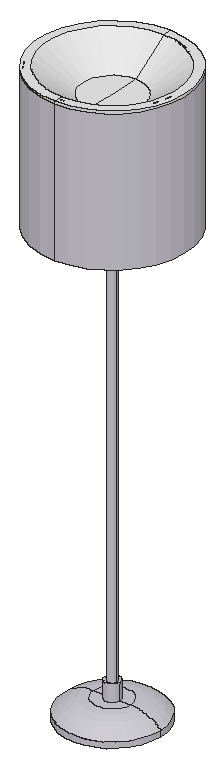
Revit family "LBC6-P", category Lighting Fixtures, host Face, Revit 2014
Parameters (values of type "LBC6-BA")
  Wattage Comments = "12W"
  Wattage = 12 W
  built-in parameter 1150110 = 1 (stored number, unit not read)
  Voltage = 120 V
  built-in parameter 1114217 = 1 (stored number, unit not read)
  Tilt Angle = -90.00°  # constant formula
  built-in parameter 1150109 = 1 (stored number, unit not read)
  built-in parameter 1150134 = 3
  built-in parameter 1150113 = 1 (stored number, unit not read)
  Photometric Wen Link = "https://www.hubbell.com/prescolite/en/Products/Lighting-Controls/Commercial-Indoor-Lighting/Cylinder/LBC6/p/212929#prod-photometry-section"
  Photometric Web File = "LB6LEDA10L-27K.ies"
  Pendant Height [instance] = 24"
  built-in parameter 1150105 = 141.85 (stored number, unit not read)
  Lumens = 1782.5 lm
  built-in parameter 1150115 = 1 (stored number, unit not read)
  Load Classification = Lighting
  built-in parameter 1150137 = (empty or 0)
  built-in parameter 1150139 = (empty or 0)
  built-in parameter 1150112 = 1 (stored number, unit not read)
  built-in parameter 1150114 = 1 (stored number, unit not read)
  built-in parameter 1150132 = (empty or 0)
  built-in parameter 1150102 = (empty or 0)
  built-in parameter 1150107 = 3200 (stored number, unit not read)
  built-in parameter 1150138 = (empty or 0)
  built-in parameter 1150106 = 1.4185 (stored number, unit not read)
  Emit from Circle Diameter = 3"  # constant formula
  Emit Shape Visible in Rendering = no
  built-in parameter 1150104 = 13.8 (stored number, unit not read)
  Dimming Lamp Color Temperature Shift = <None>
  Color Filter = 16777215
  built-in parameter 1114218 = 1 (stored number, unit not read)
  Ballast = Hubbell - Aluminium
  URL = "https://www.hubbell.com/prescolite/en"
  Product Page URL = "https://www.hubbell.com/prescolite/en/Products/Lighting-Controls/Commercial-Indoor-Lighting/Cylinder/LBC6/p/212929"
  Product Documentation Link = "https://hubbellcdn.com/specsheet/lb_led_004.pdf"
  Model = "LBC6"  # constant formula
  Manufacturer = "Prescolite"  # constant formula
  Lamp = "LED Lamp"
  Reflector = Hubbell - White
  Description = "Nominal 6in cylinders designed to be used with the LiteBox LB6LEDA series trims"  # constant formula
  Default Elevation = 48"
  built-in parameter 1150133 = 10 (stored number, unit not read)
  Apparent Load = 0 VA
Types (6): name | Ballast
  (no name) | Hubbell - Aluminium
  LBC6-WH | Hubbell - White
  LBC6-BL | Hubbell - Black
  LBC6-Z | Hubbell - Zet
  LBC6-BA | Hubbell - Aluminium
  LBC6-BZ | Hubbell - Bronze
Reference planes (in)
  plane 1 "Center (Front/Back)": y = 0
  plane 2: z = 0
  plane 3 "Center (Left/Right)": x = 0
  plane 4: z = 24
  plane 5: z = 23.75
  plane 6: z = 1.875
  plane 7: z = 1
  plane 8: x = -2.625
  plane 9: x = 2.625
  plane 10: z = 30.5
Forms (in)
  Revolve 1, solid, material "Hubbell - Aluminium" <- "Ballast"
    sketch origin (0, 0, -5.91673) x (1, 0, 0) y (0, 0, 1)
      loop
        line (0, 29.91673) -> (-0.5, 29.91673) -> (-0.5, 29.66673) -> (-0.25, 29.66673) -> (-0.25, 7.79173) -> (-0.40341, 7.79173) -> (-0.40341, 6.91673) -> (-1, 6.91673)
        arc (-1, 6.91673) -> (-1.88042, 6.74039) -> (-2.625, 6.23855) r 2.28593
        line (-2.625, 6.23855) -> (-2.625, 5.91673) -> (0, 5.91673) -> (0, 29.91673)
      axis (0, 29.91673) -> (0, 5.91673)
    angle from 0 to 360
Dimensions and locks (in)
  "Pendant Height": plane 4 to host face
  locked: plane 4 to plane 5 at 0.25
  locked: plane 6 to plane 2 at 1.875
  locked: plane 7 to plane 2 at 1
  equal spacing: plane 8, plane 3 "Center (Left/Right)", plane 9, locked at 2.625 each
  locked: plane 4 to plane 10 at 6.5
  aligned and locked: plane 2 to host face
  aligned and locked: Revolve 1 sketch curve to plane 4
  aligned and locked: plane 5 to Revolve 1 sketch curve
  aligned and locked: plane 3 "Center (Left/Right)" to imposter light
  aligned and locked: plane 7 to Revolve 1 sketch curve
  aligned and locked: Revolve 1 sketch curve to plane 6
  aligned and locked: Revolve 1 to plane 2
  aligned and locked: plane 3 "Center (Left/Right)" to nested 1
  aligned and locked: nested 1 to plane 1 "Center (Front/Back)"
  aligned and locked: plane 10 to imposter light
Automatic sketch dimensions
  host sketch curve to host sketch curve = 96"  (x2)
  plane 8 to Revolve 1 sketch curve = 0"
  Revolve 1 sketch curve to level = 0"
  Revolve 1 sketch curve to plane 3 "Center (Left/Right)" = 0"  (x2)
  Revolve 1 sketch curve to Revolve 1 sketch curve = 1/2"
  Revolve 1 sketch curve to plane 3 "Center (Left/Right)" = 0.40341"
  Revolve 1 sketch curve to plane 3 "Center (Left/Right)" = 1/4"
  Revolve 1 sketch curve to level = 1.28593"
  Revolve 1 sketch curve to Revolve 1 sketch curve = 12.47135"
  Revolve 1 sketch curve to Revolve 1 sketch curve = 7.74272"
  Revolve 1 sketch curve to Revolve 1 sketch curve = 0.59659"
Nested families (in)
  nested 1: "LBC6" at (0, 0, 24) x (0, 1, 0) z (0, 0, 1), Ballast <- "Ballast", Reflector <- "Reflector", type "LBC6"
    with Reflector Hubbell - White, Ballast Hubbell - Aluminium
Connectors (in)
  electrical at (0, 0, 0), driven by "Voltage", driven by "Apparent Load", driven by "Load Classification"
    settings: index 1, voltage 120 V, apparent load 0 VA, apparent load phase1 0 VA, apparent load phase2 0 VA, apparent load phase3 0 VA, power factor 1, load classification "Lighting", number of poles 1, system type 30, power factor state 1, is connector primary yes, connector utility no, sub classification motor no, connector description "Electrical Connector"
Definition of nested family "LBC6"
  Parameters (values of type "LBC6")
    Wattage Comments = ""
    Lamp = ""
    Ballast [instance] = none
    URL = ""
    Product Page URL = ""
    Product Documentation Link = ""
    Model = "LBC6"  # constant formula
    Manufacturer Phone = ""
    Manufacturer Fax = ""
    Manufacturer = "Prescolite"  # constant formula
    Reflector [instance] = none
    Description = ""
    Default Elevation = 48"
  Reference planes (in)
    plane 1 "Center (Front/Back)": y = 0
    plane 2: z = 0
    plane 3 "Center (Left/Right)": x = 0
    plane 4: y = 7.75
    plane 5: y = -7.75
    plane 6: x = -3.93
    plane 7: x = 3.93
    plane 8: z = 7.75
    plane 9: z = 0.125
    plane 10: x = 3.805
    plane 11: z = 7.625
  Forms (in)
    Extrusion 1, solid
      sketch origin (0, 0, 0) x (1, 0, 0) y (0, 1, 0)
        loop
          line (-48, 48) -> (-48, -48) -> (48, -48) -> (48, 48) -> (-48, 48)
      from 0 to -6
    Revolve 2, solid, material <- "Ballast"
      sketch origin (0, 0, -1.25) x (1, 0, 0) y (0, 0, 1)
        loop
          line (3.93, 8.875) -> (3.805, 8.875) -> (3.805, 1.375) -> (0, 1.375) -> (0, 1.25) -> (3.93, 1.25) -> (3.93, 8.875)
        axis (0, 8.875) -> (0, 1.25)
      angle from 0 to 360
    Revolve 3, solid, material <- "Reflector"
      sketch origin (0, 0, 0) x (1, 0, 0) y (0, 0, 1)
        loop
          line (3.93, 7.75) -> (3.46572, 7.75) -> (1.60823, 6.3832) -> (0, 6.3832) -> (0, 6.2582) -> (1.64927, 6.2582) -> (3.50675, 7.625) -> (3.93, 7.625) -> (3.93, 7.75)
        axis (0, 7.75) -> (0, 6.2582)
      angle from 0 to 360
  Dimensions and locks (in)
    locked: plane 4 to plane 1 "Center (Front/Back)" at 7.75
    locked: plane 5 to plane 1 "Center (Front/Back)" at 7.75
    plane 7 to plane 6 = 7.86"
    plane 8 to Extrusion 1 = 7 3/4"
    locked: plane 8 to plane 11 at 0.125
    locked: plane 7 to plane 10 at 0.125
    equal spacing: plane 7, plane 3 "Center (Left/Right)", plane 6
    locked: plane 9 to Extrusion 1 at 0.125
    plane 3 "Center (Left/Right)" to plane 6 = 3.93"
    aligned and locked: plane 2 to Extrusion 1
    aligned and locked: Revolve 2 sketch curve to plane 7
    aligned and locked: Revolve 2 sketch curve to plane 3 "Center (Left/Right)"
    aligned and locked: Revolve 2 sketch curve to plane 10
    aligned and locked: plane 9 to Revolve 2 sketch curve
  Automatic sketch dimensions
    Extrusion 1 sketch curve to Extrusion 1 sketch curve = 96"  (x2)
    Revolve 3 sketch curve to plane 3 "Center (Left/Right)" = 0"  (x2)
    Revolve 3 sketch curve to plane 8 = 0"
    Revolve 3 sketch curve to plane 11 = 0"
    Revolve 3 sketch curve to plane 7 = 0"
    plane 3 "Center (Left/Right)" to Revolve 3 sketch curve = 1.60823"
    Revolve 3 sketch curve to Revolve 3 sketch curve = 0.04103"  (x2)
    Revolve 3 sketch curve to plane 10 = 0.33928"
    Revolve 3 sketch curve to plane 11 = 1.2418"
    Revolve 3 sketch curve to Revolve 3 sketch curve = 1/8"
    Revolve 3 sketch curve to Revolve 3 sketch curve = 0.91934"
    plane 8 to Revolve 3 sketch curve = 0.45415"
    Revolve 2 sketch curve to plane 3 "Center (Left/Right)" = 0"
    Revolve 2 sketch curve to level = 0"
    Revolve 2 sketch curve to plane 11 = 0"
    Revolve 2 sketch curve to level = 10"
    Revolve 2 sketch curve to Revolve 2 sketch curve = 8"
